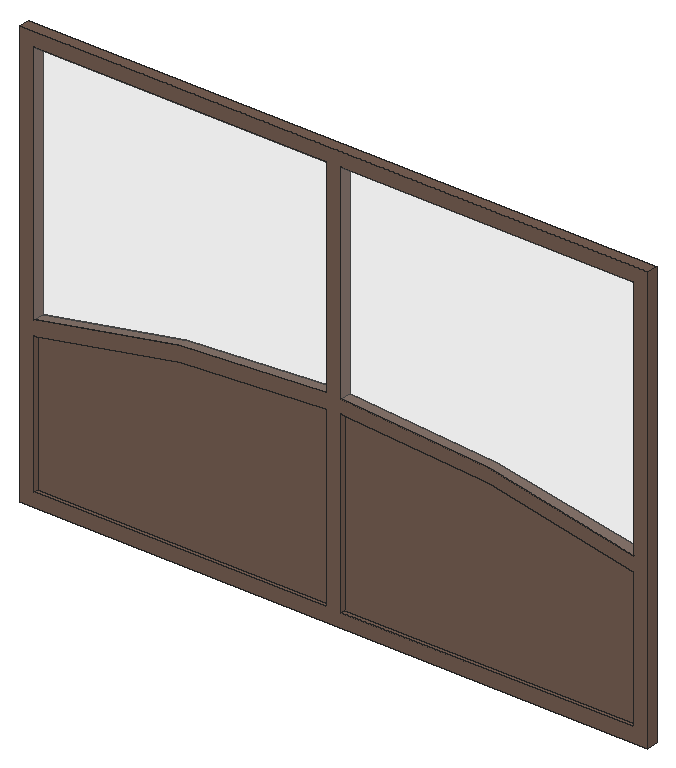
Revit family "DAL_A3-Gate-Sliding-631", category Doors, host Wall, Revit 2016
Family settings
  Host = Wall
  Always vertical = Yes
  Cut with Voids When Loaded = No
  Shared = No
  Room Calculation Point = No
Parameters (values of type "GATE-SLIDING")
  Rough Width = Width - 50 mm  # 4450 mm
  Rough Height = 1832 mm
  Height = 3060 mm
  Wall Closure = By host
  Width = 4500 mm
  Function = Interior
  Description = "SLIDING GATE BY SPECIALIST DESIGN"
  Assembly Code = ""
Types (2, lengths in mm): name | Rough Width | Height | Width
  GATE-SLIDING | 4450 | 3060 | 4500
  GATE-SLIDING 2 | 3450 | 2100 | 3500
Reference planes
  plane 1 "Center line": y = -1.083
  plane 2 "Center (Left/Right)": x = 0
  plane 3 "Left": x = -2250
  plane 4 "Right": x = 2250
  plane 5: z = 3060
  plane 6 "Exterior": y = 108.917
  plane 7 "Interior": y = -111.083
  plane 8: y = 158.917
  plane 9: y = 233.917
Forms (mm)
  Extrusion 1, solid, material "Default ALUMINIUM FRAME"
    sketch origin (-5000, -111.083, 0) x (1, 0, 0) y (0, 0, 1)
      loop
        line (2750, 3060) -> (2750, 0) -> (7250, 0) -> (7250, 3060) -> (2750, 3060)
      loop
        line (2850, 2960) -> (2850, 1203.23)
        arc (2850, 1203.23) -> (3891.791, 1401.888) -> (4950, 1472.507) r 8713.309
        line (4950, 1472.507) -> (4950, 2960) -> (2850, 2960)
      loop
        line (2850, 100) -> (4950, 100) -> (4950, 1372.505)
        arc (4950, 1372.505) -> (3891.594, 1301.034) -> (2850, 1100) r 8613.309
        line (2850, 1100) -> (2850, 100)
      loop
        line (7150, 100) -> (7150, 1100)
        arc (7150, 1100) -> (6108.406, 1301.034) -> (5050, 1372.505) r 8613.309
        line (5050, 1372.505) -> (5050, 100) -> (7150, 100)
      loop
        line (7150, 2960) -> (5050, 2960) -> (5050, 1472.507)
        arc (5050, 1472.507) -> (6108.209, 1401.888) -> (7150, 1203.23) r 8713.309
        line (7150, 1203.23) -> (7150, 2960)
    from -345 to -270
  Extrusion 2, solid, material "-VERTICAL"
    sketch origin (-5000, 233.917, 0) x (-1, 0, 0) y (0, 0, 1)
      loop
        line (-7150, 2960) -> (-7150, 1203.23)
        arc (-7150, 1203.23) -> (-6108.209, 1401.888) -> (-5050, 1472.507) r 8713.309
        line (-5050, 1472.507) -> (-5050, 2960) -> (-7150, 2960)
      loop
        line (-2850, 2960) -> (-4950, 2960) -> (-4950, 1472.507)
        arc (-4950, 1472.507) -> (-3891.791, 1401.888) -> (-2850, 1203.23) r 8713.309
        line (-2850, 1203.23) -> (-2850, 2960)
    from -75 to 0
  Extrusion 3, solid, material "Default ALUMINIUM FRAME"
    sketch origin (-5000, 233.917, 0) x (-1, 0, 0) y (0, 0, 1)
      loop
        line (-7150, 1100) -> (-7150, 100) -> (-5050, 100) -> (-5050, 1372.505)
        arc (-5050, 1372.505) -> (-6108.406, 1301.034) -> (-7150, 1100) r 8613.309
      loop
        line (-4950, 1372.505) -> (-4950, 100) -> (-2850, 100) -> (-2850, 1100)
        arc (-2850, 1100) -> (-3891.594, 1301.034) -> (-4950, 1372.505) r 8613.309
    from -45 to -30
Lines and regions (mm)
  Opening 1
    outline origin (-5000, -111.083, 0) x (1, 0, 0) y (0, 0, 1)
      loop
        line (2750, 3060) -> (2750, 0) -> (7250, 0) -> (7250, 3060) -> (2750, 3060)
  model lines
    curve 1: line (160, 378.917, 0) -> (-180, 378.917, 0)
    curve 2: line (-180, 378.917, 0) -> (-95.147, 463.77, 0)
    curve 3: line (-180, 378.917, 0) -> (-95.147, 294.064, 0)
Text (mm)
  text "Exterior" at (-2295.016, 1099.543, 0), in view "Ref. Level"
  text "Exterior" at (0, 1615.38, 3698.081), in view "Left"
  text "Exterior" at (0, 1036.032, 3874.932), in view "Right"
Dimensions and locks
  equal spacing: plane 3 "Left", plane 2 "Center (Left/Right)", plane 4 "Right"
  "Width": plane 3 "Left" to plane 4 "Right"
  plane 5 to level = 3060 mm  (x2)
  locked: plane 7 "Interior" to plane 1 "Center line" at 110
  "Height": plane 5 to level
  locked: plane 6 "Exterior" to plane 8 at 50
  locked: plane 8 to plane 9 at 75
  locked: Extrusion 1 to Extrusion 3 at 30  (x2)
  aligned and locked: host wall to plane 7 "Interior"
  aligned and locked: plane 6 "Exterior" to host wall
  aligned and locked: plane 3 "Left" to Opening 1 sketch curve
  aligned and locked: plane 4 "Right" to Opening 1 sketch curve
  aligned and locked: level to Opening 1 sketch curve
  aligned and locked: plane 5 to Opening 1 sketch curve
  aligned and locked: host wall to Extrusion 1 sketch curve
  aligned and locked: Extrusion 1 sketch curve to host wall
  aligned and locked: Extrusion 1 to plane 9
  aligned and locked: plane 8 to Extrusion 1
  aligned and locked: Extrusion 1 to Extrusion 2 sketch curve
  aligned and locked: Extrusion 2 sketch curve to Extrusion 1
  aligned and locked: plane 8 to Extrusion 2
  aligned and locked: Extrusion 2 to plane 9
Automatic sketch dimensions
  curve 1 to plane 2 "Center (Left/Right)" = 180 mm
  curve 2 to plane 2 "Center (Left/Right)" = 95.147 mm
  plane 2 "Center (Left/Right)" to curve 1 = 160 mm
  curve 1 to plane 9 = 145 mm
  curve 1 to curve 2 = 84.853 mm
  curve 3 to plane 9 = 60.147 mm
  Extrusion 1 sketch curve to plane 2 "Center (Left/Right)" = 0 mm
  Extrusion 1 sketch curve to level = 0 mm
  Extrusion 1 sketch curve to plane 5 = 0 mm
  Extrusion 1 sketch curve to plane 2 "Center (Left/Right)" = 50 mm  (x2)
  plane 2 "Center (Left/Right)" to Extrusion 1 sketch curve = 50 mm  (x2)
  level to Extrusion 1 sketch curve = 100 mm  (x2)
  plane 5 to Extrusion 1 sketch curve = 100 mm  (x2)
  Extrusion 1 sketch curve to Extrusion 1 sketch curve = 0 mm  (x9)
  Extrusion 1 sketch curve to plane 3 "Left" = 100 mm
  Extrusion 1 sketch curve to Extrusion 1 sketch curve = 103.23 mm  (x2)
  Extrusion 1 sketch curve to Extrusion 1 sketch curve = 1000 mm
  Extrusion 1 sketch curve to Extrusion 1 sketch curve = 100.002 mm
  plane 4 "Right" to Extrusion 1 sketch curve = 100 mm
  Extrusion 2 sketch curve to Extrusion 1 = 0 mm  (x4)
  Extrusion 2 sketch curve to Extrusion 2 sketch curve = 0 mm  (x2)
  Extrusion 1 to Extrusion 2 sketch curve = 1103.23 mm
  Extrusion 3 sketch curve to Extrusion 1 = 0 mm  (x6)
  radius of Extrusion 2 sketch curve to Extrusion 1 = 0 mm
  radius of Extrusion 3 sketch curve to Extrusion 1 = 0 mm  (x2)
